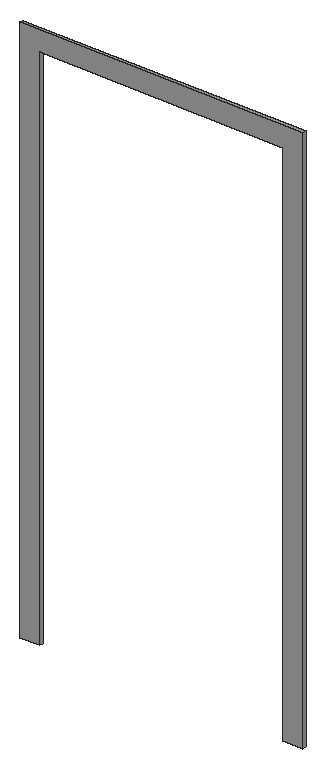
Revit family "MW - Corridor Opening", category Doors, host Wall, Revit 2019
Family settings
  Host = Wall
  Always vertical = Yes
  Cut with Voids When Loaded = No
  Shared = No
  Room Calculation Point = No
Parameters (values of type "9'-2" x 10'-0"")
  Type Comments = ""
  Thickness = 0' - 1 3/8"
  Tag # = 0
  Rough Width = Width  # 9' - 2"
  Rough Height = Height  # 10' - 0"
  JAMB STUD = ""
  JACK STUD = ""
  ID Tag = "1"
  HEADER = ""
  Function = Interior
  Door sweep [instance] = 45.00°
  Description = "MW Opening"
  DESCRIPTION = ""
  Assembly Code = "C1020"
  Frame Material = Door - Frame
  Height = 10' - 0"
  Wall Closure = By host
  Width = 9' - 2"
  Analytic Construction = "<None>"
Types (5): name | Rough Width | Width
  9'-2" x 10'-0" | 9' - 2" | 9' - 2"
  9'-1" x 10'-0" | 9' - 1 1/8" | 9' - 1 1/8"
  7'-0 3/16" x 10'-0" | 7' - 0 3/16" | 7' - 0 3/16"
  9'-0" x 10'-0" | 9' - 0" | 9' - 0"
  7'-2" x 10'-0" | 7' - 2" | 7' - 2"
Reference planes (in)
  plane 1: y = 0
  plane 2: z = 0
  plane 3: x = 0.52168
  plane 4 "Left": x = -54.47832
  plane 5: x = 55.52168
  plane 6: z = 120
  plane 7 "EXT FACE": y = -1
  plane 8 "INT FACE": y = 3
  plane 9 "Right": x = 55.52168
  plane 10: y = -2
Forms (in)
  Extrusion 1, solid, material "Door - Frame", not visible
    sketch origin (-60, 2.75, 0) x (1, 0, 0) y (0, 0, 1)
      loop
        line (78.3125, 80) -> (78.3125, 0) -> (81.3125, 0) -> (81.3125, 83) -> (38.6875, 83) -> (38.6875, 0) -> (41.6875, 0) -> (41.6875, 80) -> (78.3125, 80)
    from 0 to 0.5
Lines and regions (in)
  Opening 1
    outline origin (-60, -1, 144) x (0, 0, -1) y (1, 0, 0)
      loop
        line (24, 5.52168) -> (144, 5.52168) -> (144, 115.52168) -> (24, 115.52168) -> (24, 5.52168)
Dimensions and locks (in)
  equal spacing: plane 4 "Left", plane 3, plane 5
  "Width": plane 4 "Left" to plane 5
  "Width": plane 4 "Left" to plane 9 "Right"
  "Rough Height": plane 6 to level
  locked: plane 7 "EXT FACE" to plane 10 at 1
  aligned and locked: plane 7 "EXT FACE" to host wall
  aligned and locked: plane 8 "INT FACE" to host wall
  aligned and locked: Opening 1 sketch curve to plane 9 "Right"
  aligned and locked: Opening 1 sketch curve to plane 4 "Left"
Automatic sketch dimensions
  Extrusion 1 sketch curve to Extrusion 1 sketch curve = 0' - 3"  (x3)
  Extrusion 1 sketch curve to Extrusion 1 sketch curve = 3' - 0 5/8"
  Extrusion 1 sketch curve to Extrusion 1 sketch curve = 0' - 0"
  Extrusion 1 sketch curve to Extrusion 1 sketch curve = 6' - 8"
  Opening 1 sketch curve to plane 6 = 0' - 0"
  Opening 1 sketch curve to level = 0' - 0"
